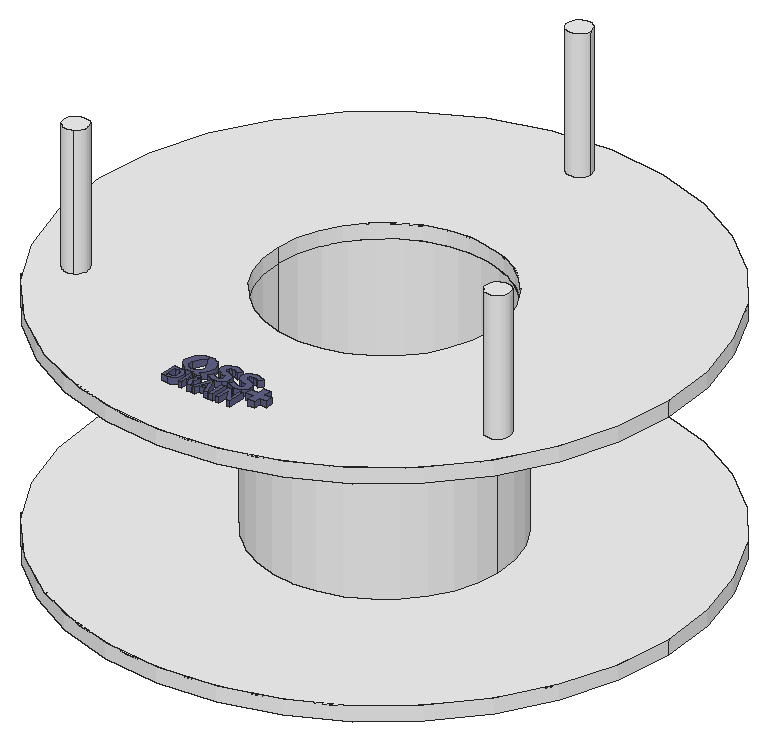
Revit family "QSS+_Надставка для аварийной воронки MC", category Обобщенные модели, Revit 2019
Family settings
  Может служить основой для арматурных стержней = Нет
  Размер круглого соединителя = Использовать диаметр
  Тип детали = Нормальный
  На основе рабочей плоскости = Нет
  Всегда вертикально = Да
  При загрузке вырезать с полостями = Нет
  Общий = Нет
  Точка расчета площади = Нет
Parameters (values of type "QSS+")
  Поиск по таблице имен = "QSS+_Надставка для аварийной воронки MC"  # constant formula
  Материал_Корпус = Металл
  d2 [instance] = 200 mm
  URL = "www.agpipe.ru"
  a [instance] = 80 mm
  ADSK_Примечание = ""
  ADSK_Позиция [instance] = ""
  ADSK_Обозначение = ""
  ADSK_Наименование [instance] = size_lookup(Поиск по таблице имен, "ADSK_Наименование", "Нет в каталоге", ADSK_Диаметр условный)  # "Надставка для аварийной воронки MC DN75"
  ADSK_Масса_Текст [instance] = ""
  ADSK_Код изделия [instance] = size_lookup(Поиск по таблице имен, "ADSK_Код изделия", "Нет в каталоге", ADSK_Диаметр условный)  # "QSS-RO-076"
  ADSK_Завод-изготовитель = "Agpipe"  # constant formula
  ADSK_Единица измерения = "шт."  # constant formula
  ADSK_Диаметр условный [instance] = 75 mm
Reference planes
  plane 1 "По центру (Вперед/Назад)": y = 0
  plane 2: z = 0
  plane 3 "По центру (Влево/Вправо)": x = 0
  plane 4: x = -40
  plane 5: x = 40
  plane 6: y = -40
  plane 7: y = 40
  plane 8: z = 80
Forms (mm)
  Extrusion 1, solid, material "Металл" <- "Материал_Корпус"
    sketch origin (0, 0, 0) x (1, 0, 0) y (0, 1, 0)
      loop
        circle (0, 0) r 100
      loop
        circle (0, 0) r 37.5
    from 75 to 80
  Extrusion 2, solid, material "Металл" <- "Материал_Корпус"
    sketch origin (0, 0, -75) x (1, 0, 0) y (0, 1, 0)
      loop
        circle (0, 0) r 100
      loop
        circle (0, 0) r 37.5
    from 75 to 80
  Revolve 3, solid, material "Металл" <- "Материал_Корпус"
    sketch origin (0, 0, 0) x (1, 0, 0) y (0, 0, 1)
      loop
        line (-45, 75) -> (-45, 70) -> (-40, 70) -> (-40, 5) -> (-37.5, 5) -> (-37.5, 75) -> (-45, 75)
      axis (0, 75) -> (0, 5)
    angle from 0 to 360
  Extrusion 4, solid, material "Металл" <- "Материал_Корпус"
    sketch origin (0, 0, 75) x (1, 0, 0) y (0, 1, 0)
      loop
        circle (0, 85.644) r 4
    from 0 to 50
  Extrusion 5, solid, material "Металл" <- "Материал_Корпус"
    sketch origin (0, 0, 75) x (-0.5, -0.866025, 0) y (0.866025, -0.5, 0)
      loop
        circle (0, 85.644) r 4
    from 0 to 50
  Extrusion 6, solid, material "Металл" <- "Материал_Корпус"
    sketch origin (0, 0, 75) x (-0.5, 0.866025, 0) y (-0.866025, -0.5, 0)
      loop
        circle (0, 85.644) r 4
    from 0 to 50
Cuts and joins
  joined: Extrusion 1, Extrusion 4, Extrusion 5, Extrusion 6
Dimensions and locks
  equal spacing: plane 4, plane 3 "По центру (Влево/Вправо)", plane 5
  "a": plane 4 to plane 5
  equal spacing: plane 7, plane 1 "По центру (Вперед/Назад)", plane 6
  "a": plane 7 to plane 6
  "a": plane 8 to level
  locked: plane 8 to Extrusion 1 at 5
  locked: Extrusion 2 to level at 5
  locked: Extrusion 1 to Revolve 3 sketch curve at 5
  locked: Revolve 3 sketch curve to plane 4 at 2.5
  "d2": diameter of Extrusion 1 sketch curve
  diameter of Extrusion 1 sketch curve = 75 mm
  "d2": diameter of Extrusion 2 sketch curve
  diameter of Extrusion 2 sketch curve = 75 mm
  aligned and locked: level to plane 2
  aligned and locked: plane 8 to Extrusion 1
  aligned and locked: Revolve 3 sketch curve to plane 3 "По центру (Влево/Вправо)"
  aligned and locked: Revolve 3 sketch curve to Extrusion 2
  aligned and locked: Revolve 3 sketch curve to Extrusion 1
  aligned and locked: Revolve 3 sketch curve to plane 4
  aligned and locked: Extrusion 1 to nested 1
  aligned and locked: plane 3 "По центру (Влево/Вправо)" to nested 1
Automatic sketch dimensions
  Revolve 3 sketch curve to plane 4 = 5 mm
  Revolve 3 sketch curve to level = 20 mm
  Revolve 3 sketch curve to plane 8 = 30 mm
  Extrusion 1 sketch curve to Extrusion 1 sketch curve = 0 mm  (x2)
  plane 1 "По центру (Вперед/Назад)" to Extrusion 1 sketch curve = 0 mm
  Extrusion 1 sketch curve to plane 3 "По центру (Влево/Вправо)" = 0 mm
  Extrusion 2 sketch curve to Extrusion 2 sketch curve = 0 mm  (x2)
  plane 1 "По центру (Вперед/Назад)" to Extrusion 2 sketch curve = 0 mm
  Extrusion 2 sketch curve to plane 3 "По центру (Влево/Вправо)" = 0 mm
  radius of Extrusion 4 sketch curve = 4 mm
  radius of Extrusion 5 sketch curve = 4 mm
  radius of Extrusion 6 sketch curve = 4 mm
Nested families
  nested 1: "Лого" at (0, -70, 80), type "Лого"
    with Высота 2 mm
Connectors
  piping at (0, 0, 80), diameter 75, driven by "ADSK_Диаметр условный"
    settings: on Extrusion 1, index 1, connector inside diameter 609.6 mm, connector length 0 mm, flow factor 0, pipe flow 0.0 L/s, pressure drop 0.0 Pa, fitting loss kfactor 0, connector angle 0.00°, fixture units 0, engagement length 0 mm, angle of deflection 0.00°, flow configuration 0, flow direction 0, fitting loss method 0, system type 28, joint type 0, gender type 0, connector reference index 2, connector utility 0, adjustable connector no, is connector primary yes, connector description ""
  piping at (0, 0, 0), diameter 75, driven by "ADSK_Диаметр условный"
    settings: on Extrusion 2, index 2, connector inside diameter 609.6 mm, connector length 0 mm, flow factor 0, pipe flow 0.0 L/s, pressure drop 0.0 Pa, fitting loss kfactor 0, connector angle 0.00°, fixture units 0, engagement length 0 mm, angle of deflection 0.00°, flow configuration 0, flow direction 0, fitting loss method 0, system type 28, joint type 0, gender type 0, connector reference index 1, connector utility 0, adjustable connector no, is connector primary no, connector description ""
Definition of nested family "Лого"
  Parameters (values of type "Лого")
    Материал_Лого = none
    Высота = 10 mm
  Reference planes
    plane 1 "По центру (Вперед/Назад)": y = 0
    plane 2: z = 0
    plane 3 "По центру (Влево/Вправо)": x = 0
  Forms (mm)
    Extrusion 1, solid, material <- "Материал_Лого"
      sketch origin (0.011, 0.021, 0) x (1, 0, 0) y (0, 1, 0)
        loop
          line (11.196, 0.662) -> (8.786, 0.662) -> (8.786, -1.717) -> (11.196, -1.717) -> (11.196, -4.126) -> (13.605, -4.126) -> (13.605, -1.717) -> (16.014, -1.717) -> (16.014, 0.662) -> (13.605, 0.662) -> (13.605, 3.071) -> (11.196, 3.071) -> (11.196, 0.662)
        loop
          line (-16.035, -2.231) -> (-16.035, -7.927) -> (-13.681, -7.927)
          arc (-13.681, -7.927) -> (-10.833, -5.079) -> (-13.681, -2.231) r 2.848
          line (-13.681, -2.231) -> (-16.035, -2.231)
        loop
          line (-14.941, -3.231) -> (-14.941, -6.907) -> (-13.675, -6.907)
          spline (-13.675, -6.907) -> (-13.29, -6.844) -> (-12.93, -6.661) -> (-12.622, -6.368) -> (-12.385, -5.988) -> (-12.236, -5.545) -> (-12.186, -5.069) -> (-12.236, -4.593) -> (-12.385, -4.15) -> (-12.622, -3.769) -> (-12.93, -3.477) -> (-13.29, -3.294) -> (-13.675, -3.231)
          line (-13.675, -3.231) -> (-14.941, -3.231)
        loop
          line (-10.073, -2.231) -> (-10.073, -7.927) -> (-8.979, -7.927) -> (-8.979, -5.814) -> (-8.144, -5.814) -> (-6.923, -7.927) -> (-4.195, -7.927) -> (-3.764, -6.64) -> (-1.584, -6.64) -> (-1.153, -7.927) -> (0.21, -7.927) -> (-2.006, -2.216) -> (-3.343, -2.216) -> (-5.503, -7.764) -> (-6.891, -5.489)
          spline (-6.891, -5.489) -> (-6.569, -5.283) -> (-6.3, -5.022) -> (-6.095, -4.717) -> (-5.961, -4.38) -> (-5.906, -4.026) -> (-5.931, -3.669) -> (-6.035, -3.324) -> (-6.214, -3.006) -> (-6.461, -2.727) -> (-6.764, -2.499) -> (-7.112, -2.331) -> (-7.491, -2.231)
          line (-7.491, -2.231) -> (-10.073, -2.231)
        loop
          line (-8.979, -3.231) -> (-8.979, -4.901) -> (-7.879, -4.901)
          arc (-7.879, -4.901) -> (-7.203, -4.066) -> (-7.879, -3.231) r 0.853
          line (-7.879, -3.231) -> (-8.979, -3.231)
        loop
          line (-2.674, -3.389) -> (-3.47, -5.764) -> (-1.878, -5.764) -> (-2.674, -3.389)
        loop
          line (0.698, -2.231) -> (0.698, -7.927) -> (1.991, -7.927) -> (1.991, -2.231) -> (0.698, -2.231)
        loop
          arc (-5.726, -0.513) -> (-4.277, -1.348) -> (-2.645, -1.713) r 5.553
          arc (-2.645, -1.713) -> (-1.444, -1.607) -> (-0.334, -1.137) r 3.864
          arc (-0.334, -1.137) -> (0.383, -0.313) -> (0.844, 0.677) r 3.906
          arc (0.844, 0.677) -> (0.918, 1.748) -> (0.517, 2.743) r 2.391
          arc (0.517, 2.743) -> (-0.177, 3.384) -> (-1.009, 3.831) r 3.743
          line (-1.009, 3.831) -> (-2.856, 4.54)
          arc (-2.856, 4.54) -> (-3.258, 5.004) -> (-3.214, 5.616) r 0.802
          arc (-3.214, 5.616) -> (-2.896, 5.984) -> (-2.442, 6.157) r 0.991
          arc (-2.442, 6.157) -> (-1.897, 6.165) -> (-1.362, 6.063) r 2.695
          line (-1.362, 6.063) -> (0, 5.417) -> (0.794, 6.91)
          arc (0.794, 6.91) -> (-1.465, 7.87) -> (-3.889, 7.485) r 4.442
          arc (-3.889, 7.485) -> (-5.272, 5.919) -> (-5.073, 3.84) r 2.623
          arc (-5.073, 3.84) -> (-4.356, 3.014) -> (-3.364, 2.552) r 2.623
          line (-3.364, 2.552) -> (-1.899, 2.104)
          arc (-1.899, 2.104) -> (-1.222, 1.484) -> (-1.278, 0.567) r 1.067
          arc (-1.278, 0.567) -> (-1.848, 0.053) -> (-2.613, 0) r 1.178
          arc (-2.613, 0) -> (-3.214, 0.18) -> (-3.803, 0.396) r 10.617
          line (-3.803, 0.396) -> (-4.741, 1.005) -> (-5.726, -0.513)
        loop
          arc (1.457, -0.513) -> (2.907, -1.348) -> (4.539, -1.713) r 5.553
          arc (4.539, -1.713) -> (5.74, -1.607) -> (6.849, -1.137) r 3.864
          arc (6.849, -1.137) -> (7.566, -0.313) -> (8.027, 0.677) r 3.906
          arc (8.027, 0.677) -> (8.102, 1.748) -> (7.7, 2.743) r 2.391
          arc (7.7, 2.743) -> (7.006, 3.384) -> (6.174, 3.831) r 3.743
          line (6.174, 3.831) -> (4.328, 4.54)
          arc (4.328, 4.54) -> (3.926, 5.004) -> (3.97, 5.616) r 0.802
          arc (3.97, 5.616) -> (4.287, 5.984) -> (4.742, 6.157) r 0.991
          arc (4.742, 6.157) -> (5.286, 6.165) -> (5.821, 6.063) r 2.695
          line (5.821, 6.063) -> (7.183, 5.417) -> (7.977, 6.91)
          arc (7.977, 6.91) -> (5.718, 7.87) -> (3.294, 7.485) r 4.442
          arc (3.294, 7.485) -> (1.911, 5.919) -> (2.11, 3.84) r 2.623
          arc (2.11, 3.84) -> (2.828, 3.014) -> (3.82, 2.552) r 2.623
          line (3.82, 2.552) -> (5.284, 2.104)
          arc (5.284, 2.104) -> (5.962, 1.484) -> (5.906, 0.567) r 1.067
          arc (5.906, 0.567) -> (5.336, 0.053) -> (4.571, 0) r 1.178
          arc (4.571, 0) -> (3.97, 0.18) -> (3.38, 0.396) r 10.617
          line (3.38, 0.396) -> (2.443, 1.005) -> (1.457, -0.513)
        loop
          line (3.118, -2.231) -> (3.118, -7.927) -> (4.271, -7.927) -> (4.271, -4.322) -> (7.119, -7.927) -> (8.079, -7.927) -> (8.079, -2.231) -> (6.927, -2.231) -> (6.927, -5.815) -> (4.095, -2.231) -> (3.118, -2.231)
      from 0 to 10 <- "Высота"
    Extrusion 2, solid, material <- "Материал_Лого"
      sketch origin (0.011, 0.021, 0) x (1, 0, 0) y (0, 1, 0)
        loop
          line (-9.924, -1.619) -> (-8.323, -3.382) -> (-5.741, -3.382) -> (-8.136, -0.745)
          spline (-8.136, -0.745) -> (-6.671, 1.11) -> (-6.264, 3.426) -> (-7.01, 5.658) -> (-8.733, 7.283) -> (-11.03, 7.918) -> (-13.36, 7.414) -> (-15.176, 5.89) -> (-16.051, 3.704) -> (-15.78, 1.369) -> (-14.427, -0.566) -> (-12.309, -1.647) -> (-9.924, -1.619)
        loop
          arc (-13.613, 2.597) -> (-10.838, -0.63) -> (-8.999, 3.207) r 2.541
          arc (-8.999, 3.207) -> (-9.984, 5.059) -> (-11.172, 6.788) r 18.476
          arc (-11.172, 6.788) -> (-12.53, 4.773) -> (-13.613, 2.597) r 18.476
      from 0 to 10 <- "Высота"
  Lines and regions (mm)
    reference lines
      curve 1: line (16.024, -7.913, 0) -> (16.024, 7.913, 0)
      curve 2: line (16.024, 7.913, 0) -> (-16.024, 7.913, 0)
      curve 3: line (-16.024, 7.913, 0) -> (-16.024, -7.913, 0)
      curve 4: line (16.024, -7.913, 0) -> (-16.024, -7.913, 0)
  Dimensions and locks
    aligned and locked: level to plane 2
